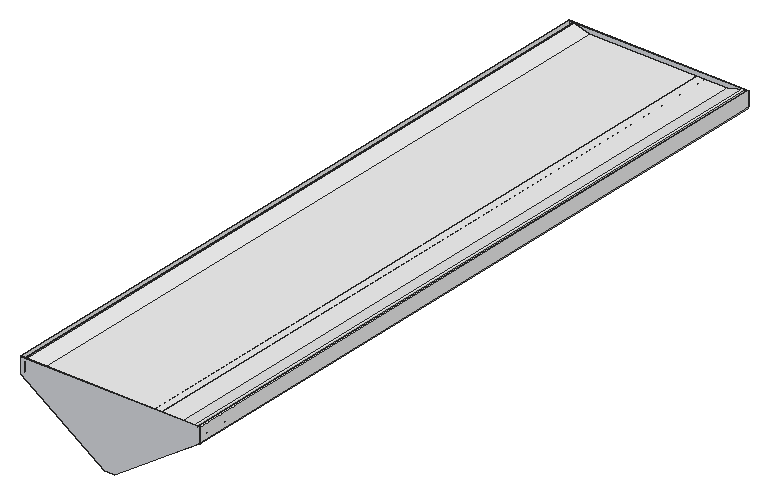
Revit family "VRS-3492", category Lighting Fixtures, host Ceiling, Revit 2019
Family settings
  Host = Ceiling
  Round Connector Dimension = Use Diameter
  Part Type = Normal
  OmniClass Number = 23.80.70.11
  OmniClass Title = Luminaries for Internal Lighting
  Always vertical = Yes
  Cut with Voids When Loaded = No
  Light Source = Yes
  Shared = No
  Room Calculation Point = No
Parameters (values of type "VRS-3492-1X4-LED840K78L-P13")
  Width = 1' - 1"
  Wattage = 70 W
  built-in parameter 1150110 = 1 (stored number, unit not read)
  Voltage = 0 V
  URL = "https://www.viscor.com/en/products/vrs-3492"
  built-in parameter 1114217 = 0.9 (stored number, unit not read)
  Tilt Angle = 90.00°
  built-in parameter 1150109 = 1 (stored number, unit not read)
  built-in parameter 1150134 = 12
  built-in parameter 1150113 = 1 (stored number, unit not read)
  Photometric Web File = "VRS-3492-1X4-LED-840K78LUNV-P13.ies"
  Model = "VRS-3492"  # constant formula
  Manufacturer = "CERTOLUX by VISCOR"  # constant formula
  Lumens = 7210 lm
  built-in parameter 1150115 = 1 (stored number, unit not read)
  built-in parameter 1150105 = 573.75 (stored number, unit not read)
  built-in parameter 1150137 = (empty or 0)
  built-in parameter 1150139 = (empty or 0)
  Lens Finish = Acrylic - Viscor - Frosted Prismatic P12
  Length = 4' - 1 5/8"
  Lamp Wattage = 70 VA
  built-in parameter 1150112 = 1 (stored number, unit not read)
  built-in parameter 1150114 = 1 (stored number, unit not read)
  Lamp = "LED"  # constant formula
  built-in parameter 1150132 = (empty or 0)
  built-in parameter 1150102 = (empty or 0)
  built-in parameter 1150138 = (empty or 0)
  built-in parameter 1150107 = 4000 (stored number, unit not read)
  built-in parameter 1150106 = 5.7375 (stored number, unit not read)
  Housing Finish = Metal - Viscor - White
  Emit from Rectangle Width = Length  # 4' - 1 5/8"
  Emit from Rectangle Length = Width  # 1' - 1"
  Emit Shape Visible in Rendering = no
  built-in parameter 1150104 = 9.569 (stored number, unit not read)
  Dimming Lamp Color Temperature Shift = <None>
  Description = "LED Vandal Resistant Surface Mount"  # constant formula
  Color Filter = 16777215
  built-in parameter 1114218 = 1 (stored number, unit not read)
  built-in parameter 1150133 = 10 (stored number, unit not read)
  Assembly Code = "D5020200"
  Apparent Load = Lamp Wattage  # 70 VA
Types (5): name | Wattage | Photometric Web File | Lumens | built-in parameter 1150105 | Lamp Wattage | built-in parameter 1150106 | built-in parameter 1150104 | Apparent Load
  (no name) | 70 W | "VRS-3492-1X4-LED-840K78LUNV-P13.ies" | 7210 lm | 573.75 (stored number, unit not read) | 70 VA | 5.7375 (stored number, unit not read) | 9.569 (stored number, unit not read) | 70 VA
  VRS-3492-1X4-LED840K39L-P13 | 32 W | 0' - 0" | 3264 lm | 259.74 (stored number, unit not read) | 32 VA | 2.5974 (stored number, unit not read) | 9.4761 (stored number, unit not read) | 32 VA
  VRS-3492-1X4-LED840K26L-P13 | 22 W | "VRS-3492-1X4-LED840K26LUNV-P13.ies" | 2420 lm | 192.58 (stored number, unit not read) | 22 VA | 1.9258 (stored number, unit not read) | 10.219 (stored number, unit not read) | 22 VA
  VRS-3492-1X4-LED840K52L-P13 | 42 W | "VRS-3492-1X4-LED840K52LUNV-P13.ies" | 4326 lm | 344.25 (stored number, unit not read) | 42 VA | 3.4425 (stored number, unit not read) | 9.569 (stored number, unit not read) | 42 VA
  VRS-3492-1X4-LED840K78L-P13 | 70 W | "VRS-3492-1X4-LED-840K78LUNV-P13.ies" | 7210 lm | 573.75 (stored number, unit not read) | 70 VA | 5.7375 (stored number, unit not read) | 9.569 (stored number, unit not read) | 70 VA
Reference planes (in)
  plane 1 "Light Source Axis (F/B)": y = 0
  plane 2 "Ceiling": z = 119.75
  plane 3 "Light Source Axis (L/R)": x = 0
  plane 4 "Light Source Elevation": z = 114
  plane 5: x = -6.5
  plane 6: x = 6.5
  plane 7: y = 24.8125
  plane 8: y = -24.8125
  plane 9: y = 24.75
  plane 10: y = -24.75
  plane 11: y = 23.75
  plane 12: y = -23.75
Forms (in)
  Extrusion 1, solid, material "Metal - Viscor - White" <- "Housing Finish"
    sketch origin (0, 0, 0) x (1, 0, 0) y (0, 0, 1)
      loop
        arc (-6.5, 118.67768) -> (-6.4884, 118.63118) -> (-6.4563, 118.59557) r 0.099
        line (-6.4563, 118.59557) -> (-0.375, 114.5) -> (0.375, 114.5) -> (6.4563, 118.59557)
        arc (6.4563, 118.59557) -> (6.4884, 118.63118) -> (6.5, 118.67768) r 0.099
        line (6.5, 118.67768) -> (6.5, 119.75) -> (6.44141, 119.75) -> (6.44141, 118.67768)
        arc (6.44141, 118.67768) -> (6.43667, 118.6587) -> (6.42357, 118.64417) r 0.04041
        line (6.42357, 118.64417) -> (0.35711, 114.55859) -> (-0.35711, 114.55859) -> (-6.42357, 118.64417)
        arc (-6.42357, 118.64417) -> (-6.43667, 118.6587) -> (-6.44141, 118.67768) r 0.04041
        line (-6.44141, 118.67768) -> (-6.44141, 119.75) -> (-6.5, 119.75) -> (-6.5, 118.67768)
    from -24.75 to 24.75
  Extrusion 2, solid
    sketch origin (0, 0, 0) x (1, 0, 0) y (0, 0, 1)
      loop
        line (-6.44234, 118.61631) -> (-0.34977, 114.51315) -> (0.34977, 114.51315) -> (6.44234, 118.61631)
        arc (6.44234, 118.61631) -> (6.46437, 118.64396) -> (6.475, 118.67768) r 0.09678
        line (6.475, 118.67768) -> (6.475, 119.75) -> (-6.475, 119.75) -> (-6.475, 118.67768)
        arc (-6.475, 118.67768) -> (-6.46437, 118.64396) -> (-6.44234, 118.61631) r 0.09678
    from 24.75 to 24.8125
  Extrusion 3, solid
    sketch origin (0, 0, 0) x (1, 0, 0) y (0, 0, -1)
      loop
        arc (-6.44234, -118.61631) -> (-6.46437, -118.64396) -> (-6.475, -118.67768) r 0.09678
        line (-6.475, -118.67768) -> (-6.475, -119.75) -> (6.475, -119.75) -> (6.475, -118.67768)
        arc (6.475, -118.67768) -> (6.46437, -118.64396) -> (6.44234, -118.61631) r 0.09678
        line (6.44234, -118.61631) -> (0.34977, -114.51315) -> (-0.34977, -114.51315) -> (-6.44234, -118.61631)
    from 24.75 to 24.8125
  Extrusion 4, void
    sketch origin (0.375, 0, 114.5) x (-0.829437, 0, -0.5586) y (0, -1, 0)
      loop
        line (-5.32515, 23.51737) -> (-5.32515, -23.48263) -> (-0.49911, -23.48263) -> (-0.49911, 23.51737) -> (-5.32515, 23.51737)
    from 0 to 0.07
  Extrusion 5, solid, material "Acrylic - Viscor - Frosted Prismatic P12" <- "Lens Finish"
    sketch origin (0, 0, 0) x (1, 0, 0) y (0, 0, 1)
      loop
        line (-0.40041, 114.74016) -> (-4.96231, 117.81246) -> (-5.03214, 117.70878) -> (-0.47024, 114.63648) -> (-0.40041, 114.74016)
    from -23.75 to 23.75
  Extrusion 6, solid, material "Acrylic - Viscor - Frosted Prismatic P12" <- "Lens Finish"
    sketch origin (0, 0, 0) x (-1, 0, 0) y (0, 0, -1)
      loop
        line (-0.40041, -114.74016) -> (-0.47024, -114.63648) -> (-5.03214, -117.70878) -> (-4.96231, -117.81246) -> (-0.40041, -114.74016)
    from -23.75 to 23.75
  Extrusion 7, void
    sketch origin (-0.40007, 0, 114.51689) x (0.829437, 0, -0.5586) y (0, 1, 0)
      loop
        line (-5.29492, -23.51737) -> (-0.46888, -23.51737) -> (-0.46888, 23.48263) -> (-5.29492, 23.48263) -> (-5.29492, -23.51737)
    from 0 to 0.07
  Extrusion 8, solid, material "Metal - Viscor - White" <- "Housing Finish"
    sketch origin (0, 0, 0) x (1, 0, 0) y (0, 0, 1)
      loop
        line (-6.1793, 118.74596) -> (-5.47075, 118.2688) -> (-5.43802, 118.3174) -> (-6.14657, 118.79457)
        arc (-6.14657, 118.79457) -> (-6.15967, 118.8091) -> (-6.16441, 118.82808) r 0.04041
        line (-6.16441, 118.82808) -> (-6.16441, 119.651)
        arc (-6.16441, 119.651) -> (-6.14864, 119.68303) -> (-6.11364, 119.69006) r 0.04041
        line (-6.11364, 119.69006) -> (-4.97532, 119.3881) -> (4.97532, 119.3881) -> (6.11364, 119.69006)
        arc (6.11364, 119.69006) -> (6.14864, 119.68303) -> (6.16441, 119.651) r 0.04041
        line (6.16441, 119.651) -> (6.16441, 118.82808)
        arc (6.16441, 118.82808) -> (6.15967, 118.8091) -> (6.14657, 118.79457) r 0.04041
        line (6.14657, 118.79457) -> (5.43802, 118.3174) -> (5.47075, 118.2688) -> (6.1793, 118.74596)
        arc (6.1793, 118.74596) -> (6.21139, 118.78157) -> (6.223, 118.82808) r 0.099
        line (6.223, 118.82808) -> (6.223, 119.651)
        arc (6.223, 119.651) -> (6.18437, 119.72947) -> (6.09862, 119.74669) r 0.099
        line (6.09862, 119.74669) -> (4.96768, 119.44669) -> (-4.96768, 119.44669) -> (-6.09862, 119.74669)
        arc (-6.09862, 119.74669) -> (-6.18437, 119.72947) -> (-6.223, 119.651) r 0.099
        line (-6.223, 119.651) -> (-6.223, 118.82808)
        arc (-6.223, 118.82808) -> (-6.21139, 118.78157) -> (-6.1793, 118.74596) r 0.099
    from -24.75 to 24.75
  Extrusion 9, solid
    sketch origin (0, 0, 0) x (1, 0, 0) y (0, 0, 1)
      loop
        arc (-2.75, 118.92569) -> (-2.72979, 118.8769) -> (-2.681, 118.85669) r 0.069
        line (-2.681, 118.85669) -> (-2.25, 118.85669) -> (-0.3968, 117.60669) -> (0.3968, 117.60669) -> (2.25, 118.85669) -> (2.681, 118.85669)
        arc (2.681, 118.85669) -> (2.72979, 118.8769) -> (2.75, 118.92569) r 0.069
        line (2.75, 118.92569) -> (2.75, 119.31769)
        arc (2.75, 119.31769) -> (2.76142, 119.34527) -> (2.789, 119.35669) r 0.039
        line (2.789, 119.35669) -> (3.375, 119.35669) -> (3.375, 119.38794) -> (2.789, 119.38794)
        arc (2.789, 119.38794) -> (2.73933, 119.36737) -> (2.71875, 119.31769) r 0.07025
        line (2.71875, 119.31769) -> (2.71875, 118.92569)
        arc (2.71875, 118.92569) -> (2.70769, 118.899) -> (2.681, 118.88794) r 0.03775
        line (2.681, 118.88794) -> (2.24045, 118.88794) -> (0.38724, 117.63794) -> (-0.38724, 117.63794) -> (-2.24045, 118.88794) -> (-2.681, 118.88794)
        arc (-2.681, 118.88794) -> (-2.70769, 118.899) -> (-2.71875, 118.92569) r 0.03775
        line (-2.71875, 118.92569) -> (-2.71875, 119.35669) -> (-2.75, 119.35669) -> (-2.75, 118.92569)
    from -24.75 to 24.75
Cuts and joins
  Extrusion 4, Extrusion 7 cuts Extrusion 1
  Extrusion 7 cuts Extrusion 6
Dimensions and locks (in)
  equal spacing: host sketch curve, plane 3 "Light Source Axis (L/R)", host sketch curve
  equal spacing: host sketch curve, plane 1 "Light Source Axis (F/B)", host sketch curve
  host sketch curve to host sketch curve = 10' - 0"  (x2)
  equal spacing: plane 7, plane 1 "Light Source Axis (F/B)", plane 8
  equal spacing: plane 5, plane 3 "Light Source Axis (L/R)", plane 6
  "Width": plane 5 to plane 6
  "Length": plane 7 to plane 8
  locked: plane 10 to plane 8 at 0.0625
  locked: plane 7 to plane 9 at 0.0625
  locked: plane 7 to plane 11 at 1.0625
  locked: plane 12 to plane 8 at 1.0625
  aligned and locked: plane 3 "Light Source Axis (L/R)" to imposter light
  aligned and locked: plane 1 "Light Source Axis (F/B)" to imposter light
  aligned and locked: plane 4 "Light Source Elevation" to imposter light
  aligned and locked: Extrusion 1 to plane 10
  aligned and locked: plane 9 to Extrusion 1
  aligned and locked: Extrusion 2 to plane 8
  aligned and locked: plane 10 to Extrusion 2
  aligned and locked: Extrusion 3 to plane 9
  aligned and locked: plane 11 to Extrusion 5
  aligned and locked: Extrusion 5 to plane 12
  aligned and locked: plane 11 to Extrusion 6
  aligned and locked: Extrusion 6 to plane 12
  aligned and locked: Extrusion 8 to plane 10
  aligned and locked: plane 9 to Extrusion 8
  aligned and locked: plane 9 to Extrusion 9
  aligned and locked: Extrusion 9 to plane 10
Automatic sketch dimensions
  Extrusion 1 sketch curve to Extrusion 1 sketch curve = 0' - 0"  (x4)
  Extrusion 1 sketch curve to plane 2 "Ceiling" = 0' - 0"  (x2)
  Extrusion 1 sketch curve to plane 5 = 0' - 0"
  Extrusion 1 sketch curve to plane 6 = 0' - 0"
  plane 5 to Extrusion 1 sketch curve = 0' - 0.0437"
  plane 5 to Extrusion 1 sketch curve = 0' - 0 15/256"
  Extrusion 1 sketch curve to Extrusion 1 sketch curve = 0' - 0.01784"  (x2)
  Extrusion 1 sketch curve to Extrusion 1 sketch curve = 0' - 0.02257"  (x2)
  Extrusion 1 sketch curve to plane 3 "Light Source Axis (L/R)" = 0' - 0 3/8"
  Extrusion 1 sketch curve to Extrusion 1 sketch curve = 0' - 0.01789"  (x2)
  plane 3 "Light Source Axis (L/R)" to Extrusion 1 sketch curve = 0' - 0.35711"
  Extrusion 1 sketch curve to plane 6 = 0' - 0.099"
  Extrusion 1 sketch curve to plane 6 = 0' - 0.0437"
  Extrusion 1 sketch curve to plane 2 "Ceiling" = 0' - 1.07232"  (x2)
  Extrusion 1 sketch curve to plane 4 "Light Source Elevation" = 0' - 0 143/256"
  Extrusion 1 sketch curve to Extrusion 1 sketch curve = 0' - 0 15/256"
  Extrusion 2 sketch curve to plane 2 "Ceiling" = 0' - 0"
  plane 5 to Extrusion 2 sketch curve = 0' - 0.025"
  plane 5 to Extrusion 2 sketch curve = 0' - 0.05766"
  Extrusion 2 sketch curve to Extrusion 2 sketch curve = 0' - 0.09607"
  Extrusion 2 sketch curve to plane 3 "Light Source Axis (L/R)" = 0' - 0.34977"
  plane 3 "Light Source Axis (L/R)" to Extrusion 2 sketch curve = 0' - 0.34977"
  Extrusion 2 sketch curve to plane 6 = 0' - 0.12107"
  Extrusion 2 sketch curve to plane 6 = 0' - 0.05766"
  Extrusion 2 sketch curve to plane 6 = 0' - 0.025"
  Extrusion 2 sketch curve to plane 2 "Ceiling" = 0' - 1.06057"  (x2)
  Extrusion 2 sketch curve to Extrusion 2 sketch curve = 0' - 0.01174"  (x2)
  Extrusion 2 sketch curve to plane 4 "Light Source Elevation" = 0' - 0.51315"
  Extrusion 3 sketch curve to plane 2 "Ceiling" = 0' - 0"
  plane 5 to Extrusion 3 sketch curve = 0' - 0.025"
  plane 5 to Extrusion 3 sketch curve = 0' - 0.05766"
  Extrusion 3 sketch curve to Extrusion 3 sketch curve = 0' - 0.09607"
  Extrusion 3 sketch curve to plane 3 "Light Source Axis (L/R)" = 0' - 0.34977"
  plane 3 "Light Source Axis (L/R)" to Extrusion 3 sketch curve = 0' - 0.34977"
  Extrusion 3 sketch curve to plane 6 = 0' - 0.12107"
  Extrusion 3 sketch curve to plane 6 = 0' - 0.05766"
  Extrusion 3 sketch curve to plane 6 = 0' - 0.025"
  Extrusion 3 sketch curve to plane 2 "Ceiling" = 0' - 1.06057"  (x2)
  Extrusion 3 sketch curve to Extrusion 3 sketch curve = 0' - 0.01174"  (x2)
  Extrusion 3 sketch curve to plane 4 "Light Source Elevation" = 0' - 0.51315"
  Extrusion 1 to Extrusion 4 sketch curve = 0' - 2.00669"
  Extrusion 4 sketch curve to Extrusion 1 = 0' - 0.49911"
  Extrusion 4 sketch curve to Extrusion 1 = 0' - 1.26737"
  Extrusion 4 sketch curve to Extrusion 1 = 0' - 1.23263"
  plane 5 to Extrusion 5 sketch curve = 0' - 1.46786"
  Extrusion 5 sketch curve to Extrusion 5 sketch curve = 0' - 0.06983"
  Extrusion 5 sketch curve to plane 3 "Light Source Axis (L/R)" = 0' - 0.47024"
  Extrusion 5 sketch curve to plane 4 "Light Source Elevation" = 0' - 0.63648"
  Extrusion 5 sketch curve to Extrusion 5 sketch curve = 0' - 0.10368"
  plane 6 to Extrusion 6 sketch curve = 0' - 1.46786"
  Extrusion 6 sketch curve to Extrusion 6 sketch curve = 0' - 0.06983"
  Extrusion 6 sketch curve to plane 3 "Light Source Axis (L/R)" = 0' - 0.47024"
  plane 4 "Light Source Elevation" to Extrusion 6 sketch curve = 0' - 0.63648"
  Extrusion 6 sketch curve to Extrusion 6 sketch curve = 0' - 0.10368"
  plane 12 to Extrusion 7 sketch curve = 0' - 0.23263"
  Extrusion 7 sketch curve to plane 11 = 0' - 0.26737"
  Extrusion 7 sketch curve to Extrusion 7 sketch curve = 0' - 4.82604"
  Extrusion 8 sketch curve to Extrusion 8 sketch curve = 0' - 0"  (x8)
  Extrusion 8 sketch curve to plane 2 "Ceiling" = 0' - 0.099"
  plane 5 to Extrusion 8 sketch curve = 0' - 0.277"
  Extrusion 8 sketch curve to Extrusion 8 sketch curve = 0' - 0.0437"
  Extrusion 8 sketch curve to Extrusion 8 sketch curve = 0' - 0 15/256"
  Extrusion 8 sketch curve to Extrusion 8 sketch curve = 0' - 0.01784"  (x2)
  Extrusion 8 sketch curve to Extrusion 8 sketch curve = 0' - 0.04041"
  Extrusion 8 sketch curve to Extrusion 8 sketch curve = 0' - 0.02257"  (x2)
  Extrusion 8 sketch curve to plane 2 "Ceiling" = 0' - 0.05994"
  Extrusion 8 sketch curve to plane 2 "Ceiling" = 0' - 0.00331"  (x2)
  Extrusion 8 sketch curve to Extrusion 8 sketch curve = 0' - 0.70855"
  Extrusion 8 sketch curve to Extrusion 8 sketch curve = 0' - 0.03273"  (x3)
  Extrusion 8 sketch curve to plane 2 "Ceiling" = 0' - 0.3619"
  Extrusion 8 sketch curve to Extrusion 8 sketch curve = 0' - 0.4627"
  Extrusion 8 sketch curve to Extrusion 8 sketch curve = 0' - 0.00764"  (x2)
  Extrusion 8 sketch curve to plane 2 "Ceiling" = 0' - 0.30331"
  Extrusion 8 sketch curve to plane 6 = 0' - 1.53232"
  Extrusion 8 sketch curve to plane 6 = 0' - 0.40138"
  Extrusion 8 sketch curve to Extrusion 8 sketch curve = 0' - 0.01502"
  Extrusion 8 sketch curve to plane 6 = 0' - 0.376"
  Extrusion 8 sketch curve to Extrusion 8 sketch curve = 0' - 0.01036"
  Extrusion 8 sketch curve to Extrusion 8 sketch curve = 0' - 0.82292"  (x2)
  Extrusion 8 sketch curve to Extrusion 8 sketch curve = 0' - 0.47717"
  Extrusion 8 sketch curve to Extrusion 8 sketch curve = 0' - 0.0486"
  Extrusion 9 sketch curve to Extrusion 9 sketch curve = 0' - 0"  (x6)
  Extrusion 9 sketch curve to plane 2 "Ceiling" = 0' - 0.39331"
  Extrusion 9 sketch curve to plane 3 "Light Source Axis (L/R)" = 0' - 2 3/4"
  Extrusion 9 sketch curve to Extrusion 9 sketch curve = 0' - 0 1/32"  (x2)
  Extrusion 9 sketch curve to Extrusion 9 sketch curve = 0' - 0.03775"  (x2)
  Extrusion 9 sketch curve to plane 2 "Ceiling" = 0' - 0.89331"  (x2)
  Extrusion 9 sketch curve to Extrusion 9 sketch curve = 0' - 0.431"  (x2)
  Extrusion 9 sketch curve to Extrusion 9 sketch curve = 0' - 0.00955"  (x4)
  Extrusion 9 sketch curve to plane 3 "Light Source Axis (L/R)" = 0' - 0.3968"
  plane 3 "Light Source Axis (L/R)" to Extrusion 9 sketch curve = 0' - 0.38724"
  Extrusion 9 sketch curve to plane 2 "Ceiling" = 0' - 0.86206"
  Extrusion 9 sketch curve to Extrusion 9 sketch curve = 0' - 1.8532"
  Extrusion 9 sketch curve to Extrusion 9 sketch curve = 0' - 0.039"
  Extrusion 9 sketch curve to plane 2 "Ceiling" = 0' - 2.11206"
  Extrusion 9 sketch curve to Extrusion 9 sketch curve = 0' - 0.392"
  Extrusion 9 sketch curve to Extrusion 9 sketch curve = 0' - 0.586"
